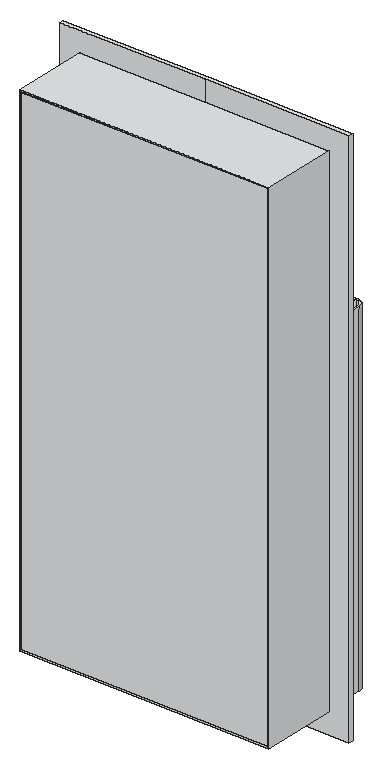
Revit family "304 Stainless Steel 16 L Recessed Panel With Waste Bin_IN", category Generic Models, host Wall, Revit 2017
Family settings
  Host = Wall
  Can host rebar = No
  Round Connector Dimension = Use Diameter
  Part Type = Normal
  Always vertical = Yes
  Cut with Voids When Loaded = No
  Shared = No
  Room Calculation Point = No
Parameters (values of type "Type 1")
  Website = "https://dolphy.in/"  # constant formula
  Contact number = "+91 9520202035"  # constant formula
  Contact email = "info@dolphy.in"  # constant formula
  Company name = "Dolphy India"  # constant formula
Reference planes
  plane 1 "Wall": y = 0
  plane 2 "Center (Left/Right)": x = 125
  plane 3 "Back": y = 75
Forms (mm)
  Extrusion 1, void
    sketch origin (0, 0, 0) x (1, 0, 0) y (0, 0, 1)
      loop
        line (276.5, 637) -> (-26.5, 637) -> (-26.5, 25) -> (276.5, 25) -> (276.5, 637)
    from -75 to 16
Text (mm)
  text "Placement Side" at (-1848.837, 1116.779, 0), in view "Ref. Level"
  text "Placement side" at (0, 1409.804, 2854.306), in view "Left"
  text "Placement side" at (0, 499.811, 2980.732), in view "Right"
Dimensions and locks
  locked: plane 3 "Back" to host wall
  aligned and locked: plane 1 "Wall" to host wall
  aligned and locked: nested 1 to plane 2 "Center (Left/Right)"
  aligned and locked: nested 1 to plane 3 "Back"
  aligned and locked: host wall to Extrusion 1
  aligned and locked: Extrusion 1 to nested 1  (x4)
  aligned and locked: nested 1 to Extrusion 1
Nested families
  nested 1: "304 Stainless Steel 16 L Recessed Panel With Waste Bin_IN" at (125, 75, 0) x (-1, 0, 0) z (0, 0, 1), type "304 Stainless Steel 16 L Recessed Panel With Waste Bin_IN"
Definition of nested family "304 Stainless Steel 16 L Recessed Panel With Waste Bin_IN"
  Parameters (values of type "304 Stainless Steel 16 L Recessed Panel With Waste Bin_IN")
    Website = "https://dolphy.in/"  # constant formula
    M&L = none
    Contact number = "+91 9520202035"  # constant formula
    Contact email = "info@dolphy.in"  # constant formula
    Company name = "Dolphy India"  # constant formula
  Reference planes
    plane 1 "Center (Front/Back)": y = 0
    plane 2: z = 0
    plane 3 "Center (Left/Right)": x = 0
  Forms (mm)
    Extrusion 1, solid, material <- "M&L"
      sketch origin (0, 0, 0) x (1, 0, 0) y (0, 1, 0)
        loop
          line (0, 0) -> (-176.5, 0) -> (-176.5, -5) -> (0, -5) -> (176.5, -5) -> (176.5, 0) -> (0, 0)
      from 0 to 662
    Extrusion 2, void
      sketch origin (-219, -110.8, 0) x (1, 0, 0) y (0, 0, 1)
        loop
          line (370.5, 637) -> (67.5, 637) -> (67.5, 25) -> (370.5, 25) -> (370.5, 637)
      from -76.143 to -145.8
    Extrusion 3, solid, material <- "M&L"
      sketch origin (-49.25, 0, 0) x (1, 0, 0) y (0, 0, -1)
        loop
          line (-102.25, -637) -> (200.75, -637) -> (200.75, -25) -> (-102.25, -25) -> (-102.25, -637)
        loop
          line (-101.05, -635.8) -> (199.55, -635.8) -> (199.55, -26.2) -> (-101.05, -26.2) -> (-101.05, -635.8)
      from 0 to 91
    Sweep 4, solid, material <- "M&L"
      path in 3D
        loop
          line (0, -59, 445) -> (0, -59, 25)
      profile origin (0, -59, 235) x (1, 0, 0) y (0, 1, 0)
        loop
          arc (-139.3, 144.648) -> (-146.371, 141.719) -> (-149.3, 134.648) r 10
          line (-149.3, 134.648) -> (-149.3, 10)
          arc (-149.3, 10) -> (-146.371, 2.929) -> (-139.3, 0) r 10
          line (-139.3, 0) -> (139.3, 0)
          arc (139.3, 0) -> (146.371, 2.929) -> (149.3, 10) r 10
          line (149.3, 10) -> (149.3, 134.648)
          arc (149.3, 134.648) -> (146.371, 141.719) -> (139.3, 144.648) r 10
          line (139.3, 144.648) -> (-139.3, 144.648)
    Extrusion 5, solid, material <- "M&L"
      sketch origin (-49.25, 91, 0) x (1, 0, 0) y (0, 0, -1)
        loop
          line (199.55, -635.8) -> (199.55, -26.2) -> (-101.05, -26.2) -> (-101.05, -635.8) -> (199.55, -635.8)
      from 0 to -0.8
    Extrusion 6, void
      sketch origin (0, -59, 445) x (1, 0, 0) y (0, -1, 0)
        loop
          line (-147.3, -10) -> (-147.3, -134.648)
          arc (-147.3, -134.648) -> (-144.957, -140.304) -> (-139.3, -142.648) r 8
          line (-139.3, -142.648) -> (139.3, -142.648)
          arc (139.3, -142.648) -> (144.957, -140.304) -> (147.3, -134.648) r 8
          line (147.3, -134.648) -> (147.3, -10)
          arc (147.3, -10) -> (144.957, -4.343) -> (139.3, -2) r 8
          line (139.3, -2) -> (-139.3, -2)
          arc (-139.3, -2) -> (-144.957, -4.343) -> (-147.3, -10) r 8
      from 0 to 400
    Extrusion 7, solid, material <- "M&L"
      sketch origin (-49.25, 90.2, 0) x (-1, 0, 0) y (0, 0, -1)
        loop
          line (101.05, -444.883) -> (-199.55, -444.883) -> (-199.55, -478.521) -> (101.05, -478.521) -> (101.05, -444.883)
      from 0.688 to 10
    Extrusion 8, void
      sketch origin (-139.3, -59, 445) x (0, 0, 1) y (1, 0, 0)
        loop
          circle (-210, 139.3) r 15
      from 1.026 to -0.8
    Extrusion 9, solid, material <- "M&L"
      sketch origin (-49.25, 80.2, 0) x (-1, 0, 0) y (0, 0, -1)
        loop
          circle (-49.25, -453.018) r 5
        loop
          circle (-49.25, -453.018) r 4.297
      from 0 to 2.5
    Extrusion 10, solid, material <- "M&L"
      sketch origin (-49.25, 80.2, 0) x (-1, 0, 0) y (0, 0, -1)
        loop
          circle (-49.25, -453.018) r 3.471
      from 0 to 2.5
    Sweep 11, void
      path in 3D
        loop
          line (150.3, 80.2, 478.521) -> (-150.3, 80.2, 478.521)
      profile origin (0, 80.2, 478.521) x (0, -1, 0) y (0, 0, 1)
        loop
          line (0, -1.696) -> (0, 0) -> (-1.696, 0)
          arc (-1.696, 0) -> (-0.497, -0.497) -> (0, -1.696) r 1.696
    Sweep 12, void
      path in 3D
        loop
          line (-150.3, 80.2, 444.883) -> (150.3, 80.2, 444.883)
      profile origin (0, 80.2, 444.883) x (0, -1, 0) y (0, 0, -1)
        loop
          line (0, -1.153) -> (0, 0) -> (-1.256, 0)
          arc (-1.256, 0) -> (-0.469, -0.404) -> (0, -1.153) r 1.665
  Cuts and joins
    Extrusion 2 cuts Extrusion 1
    Extrusion 6, Extrusion 8 cuts Sweep 4
    Extrusion 8 cuts Extrusion 5
    Sweep 11, Sweep 12 cuts Extrusion 3
    Sweep 11, Sweep 12 cuts Extrusion 7
  Lines and regions (mm)
    reference lines
      curve 1: line (0, -59, 445) -> (0, -59, 25)
    sketch lines
      curve 2: line (0, -59, 445) -> (0, -59, 25)
      curve 3: line (150.3, 80.2, 478.521) -> (-150.3, 80.2, 478.521)
      curve 4: line (-150.3, 80.2, 444.883) -> (150.3, 80.2, 444.883)
  Dimensions and locks
    curve 1 to level = 25 mm
    curve 1 to Extrusion 3 = 150 mm
    Extrusion 3 to Sweep 4 sketch curve = 1 mm
    Sweep 4 sketch curve to Extrusion 3 = 1 mm
    Extrusion 3 to Sweep 4 sketch curve = 5.352 mm
    cut or joined group of Extrusion 1, Extrusion 2 to cut or joined group of Extrusion 1, Extrusion 2 = 353 mm
    cut or joined group of Extrusion 3, Sweep 11, Sweep 12 to cut or joined group of Extrusion 1, Extrusion 2 = 91 mm
    cut or joined group of Extrusion 3, Sweep 11, Sweep 12 to cut or joined group of Sweep 4, Extrusion 6, Extrusion 8 = 150 mm
    cut or joined group of Extrusion 1, Extrusion 2 to cut or joined group of Extrusion 1, Extrusion 2 = 662 mm
    aligned and locked: level to plane 2
